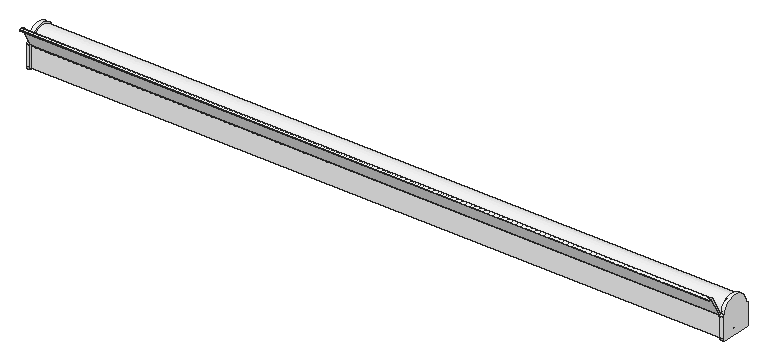
Revit family "0045174+0045236 Feilo Sylvania Lighting Fixture SYLBATTEN LED4 NW TP3 with ASYMMETRIC REFLECTOR ACCESSORY 1500MM", category Lighting Fixtures, host Face, Revit 2017
Family settings
  Host = Face
  Round Connector Dimension = Use Diameter
  Part Type = Normal
  OmniClass Number = 23.80.70.00
  OmniClass Title = Lighting
  Cut with Voids When Loaded = No
  Light Source = Yes
  Shared = No
  Room Calculation Point = No
Parameters (values of type "0045174 SYLBATTEN LED4 NW TP3")
  Width_FEILO = 66 mm
  Weight = "3.064 kg"
  Wattage Comments = "n/a"
  Wattage = 39 W
  WarrantyStartDate [instance] = "n/a"
  WarrantyGuarantorParts = "n/a"
  WarrantyDurationUnit = "n/a"
  WarrantyDurationParts = "n/a"
  WarrantyDescription = "n/a"
  built-in parameter 1150110 = 1 (stored number, unit not read)
  Voltage = 230 V
  URL = "http://www.sylvania-lighting.com"
  TypeName = "SYLBATTEN LED4 NW TP3"
  Type Image = <None>
  Type Comments = "n/a"
  built-in parameter 1114217 = 1 (stored number, unit not read)
  Tilt Angle = -90.00°
  built-in parameter 1150109 = 1 (stored number, unit not read)
  built-in parameter 1150134 = 12
  SymReflector_FEILO = no
  built-in parameter 1150113 = 1 (stored number, unit not read)
  SerialNumber [instance] = "n/a"
  PowerFactor = 0
  PowerConsumption = "39 W"
  Photometric Web File = "0045174+0045236.ies"
  NominalLength = 1505 mm
  NominalHeight = 91 mm
  NominalDepth = 122 mm
  Name = "SYLBATTEN LED4 NW TP3"
  ModelReference = Name  # "SYLBATTEN LED4 NW TP3"
  ModelNumber = "0045174"
  Model = Name  # "SYLBATTEN LED4 NW TP3"
  Material_4_FEILO = Reflector-Sylvania-Sylbatten-White
  Material_3_FEILO = Diffuser-Sylvania-Sylbatten-Glow
  Material_2_FEILO = Body-Sylvania-Sylbatten-White
  Material_1_FEILO = Body-Sylvania-Sylbatten-White
  Material = "sheet steel housing, polycarbonate diffuser"
  ManufacturerName = "Feilo Sylvania"
  Manufacturer = "Feilo Sylvania"
  LuminousEfficacy = "107.4 lm/W"
  built-in parameter 1150105 = 333.35 (stored number, unit not read)
  Lumens = 4188.99 lm
  LuminaireType = ""
  built-in parameter 1150115 = 1 (stored number, unit not read)
  LightOutputRatio = "100"
  built-in parameter 1150137 = (empty or 0)
  built-in parameter 1150139 = (empty or 0)
  Length_FEILO = 1505 mm
  LampsType = Lamp  # "LED"
  LampNominalLuminous = "4189 lm"
  LampMacAdamStep = "n/a"
  LampColourTemperature = "4000 K"
  LampColourRenderingIndex = "80"
  built-in parameter 1150112 = 1 (stored number, unit not read)
  built-in parameter 1150114 = 1 (stored number, unit not read)
  Lamp = "LED"
  Keynote = "16500"
  InstallationDate [instance] = "n/a"
  InputVoltage = "220-240V~"
  InputNominalFrequency = "n/a"
  built-in parameter 1150132 = (empty or 0)
  built-in parameter 1150102 = (empty or 0)
  built-in parameter 1150107 = 4000 (stored number, unit not read)
  built-in parameter 1150138 = (empty or 0)
  IngressProtection = "IP20"
  ImpactProtectionIndex = "IK07"
  built-in parameter 1150106 = 3.3335 (stored number, unit not read)
  IfcExportType = "IfcLightFixtureType"
  IfcExportAs = "IfcLightFixtureType"
  Height_FEILO = 76 mm
  ExpectedLife = 50000
  Emit from Rectangle Width = Length_FEILO - 16 mm  # 1489 mm
  Emit from Rectangle Length = Width_FEILO - 40 mm  # 26 mm
  Emit Shape Visible in Rendering = no
  ElectricShockClassification = "Class I"
  built-in parameter 1150104 = 9.9787 (stored number, unit not read)
  DurationUnit = "hours"
  DocumentationLiterature = "http://www.sylvania-lighting.com/product/en-int/products/0045174"
  DimmingControlOptions = "n/a"
  Dimming Lamp Color Temperature Shift = <None>
  Description = "LED batten, T8 replacement, ease of installation through 2 part push-in design of the housing (safety cable included), through wiring capability (TP3 = 3 core), sheet steel, 4189M, 39W, 107lm/W, 4000K, drive current: 350mA, CRI 80, 138° wide beam angle, electronic driver (non dimmable), IP20, IK07, 50,000 hrs (L70), (LxWxH) 1505x66x76mm, 5 step MacAdam ellipse, 3.7kg, white RAL9016, Class 1, 220-240V, energy class: A++, A+, A."
  Default Elevation = 1219.2 mm
  CreatedOn = "1/25/2018"
  CreatedBy = ""
  Cost = 0
  Color Filter = 16777215
  built-in parameter 1114216 [instance] = (empty or 0)
  ClassificationValue = "EF_70_80"
  ClassificationName = "Uniclass2015"
  CapOffset_FEILO = 2 mm
  BarCode [instance] = "n/a"
  built-in parameter 1114218 = 1 (stored number, unit not read)
  BackReflector_FEILO = and(not(AsymReflector_FEILO), SymReflector_FEILO)  # no
  built-in parameter 1150133 = 10 (stored number, unit not read)
  FrontReflector_FEILO = or(AsymReflector_FEILO, SymReflector_FEILO)  # yes
  AsymReflector_FEILO = yes
  AssetType = "Fixed"
  AssetIdentifier [instance] = "n/a"
  Assembly Code = "D5020200"
  Apparent Load = 39 VA
Reference planes
  plane 1 "Center (Front/Back)": y = 0
  plane 2: z = 0
  plane 3 "Center (Left/Right)": x = 0
  plane 4: x = 752.5
  plane 5: x = -752.5
  plane 6: y = 33
  plane 7: y = -33
  plane 8: z = 76
  plane 9: z = 47
  plane 10: y = -29
  plane 11: y = 29
  plane 12: z = 20
  plane 13: z = 74
  plane 14: y = -31
  plane 15: y = -27
  plane 16: y = 27
  plane 17: y = 31
  plane 18: z = 2
  plane 19: x = -744.5
  plane 20: x = 744.5
  plane 21: z = 49
  plane 22: y = 1
  plane 23: y = -1
  plane 24: z = 21
  plane 25: z = 19
  plane 26: y = -61
  plane 27: y = 61
  plane 28: y = -56
  plane 29: y = 56
  plane 30: z = 91
  plane 31: z = 88
Forms (mm)
  Extrusion 1, solid, material "Body-Sylvania-Sylbatten-White" <- "Material_2_FEILO"
    sketch origin (0, 0, 0) x (0, 1, 0) y (0, 0, 1)
      loop
        line (-31, 2) -> (31, 2) -> (31, 45)
        arc (31, 45) -> (30.414, 46.414) -> (29, 47) r 2
        line (29, 47) -> (27, 47)
        arc (27, 47) -> (0, 74) -> (-27, 47) r 27
        line (-27, 47) -> (-29, 47)
        arc (-29, 47) -> (-30.414, 46.414) -> (-31, 45) r 2
        line (-31, 45) -> (-31, 2)
    from -744.5 to 744.5
  Extrusion 2, solid, material "Body-Sylvania-Sylbatten-White" <- "Material_2_FEILO"
    sketch origin (752.5, 1524, 1219.2) x (0, 1, 0) y (0, 0, 1)
      loop
        arc (-1494, -1219.2) -> (-1491.879, -1218.321) -> (-1491, -1216.2) r 3
        line (-1491, -1216.2) -> (-1491, -1173.2)
        arc (-1491, -1173.2) -> (-1491.879, -1171.079) -> (-1494, -1170.2) r 3
        line (-1494, -1170.2) -> (-1495.069, -1170.2)
        arc (-1495.069, -1170.2) -> (-1524, -1143.2) -> (-1552.931, -1170.2) r 29
        line (-1552.931, -1170.2) -> (-1554, -1170.2)
        arc (-1554, -1170.2) -> (-1556.121, -1171.079) -> (-1557, -1173.2) r 3
        line (-1557, -1173.2) -> (-1557, -1216.2)
        arc (-1557, -1216.2) -> (-1556.121, -1218.321) -> (-1554, -1219.2) r 3
        line (-1554, -1219.2) -> (-1494, -1219.2)
      loop
        arc (-1525, -1189.25) -> (-1531.071, -1192.129) -> (-1533.95, -1198.2) r 10
        line (-1533.95, -1198.2) -> (-1532.944, -1198.2)
        arc (-1532.944, -1198.2) -> (-1530.364, -1192.836) -> (-1525, -1190.256) r 9
        line (-1525, -1190.256) -> (-1525, -1189.25)
      loop
        arc (-1523, -1190.256) -> (-1517.636, -1192.836) -> (-1515.056, -1198.2) r 9
        line (-1515.056, -1198.2) -> (-1514.05, -1198.2)
        arc (-1514.05, -1198.2) -> (-1516.929, -1192.129) -> (-1523, -1189.25) r 10
        line (-1523, -1189.25) -> (-1523, -1190.256)
      loop
        line (-1532.944, -1200.2) -> (-1533.95, -1200.2)
        arc (-1533.95, -1200.2) -> (-1531.071, -1206.271) -> (-1525, -1209.15) r 10
        line (-1525, -1209.15) -> (-1525, -1208.144)
        arc (-1525, -1208.144) -> (-1530.364, -1205.564) -> (-1532.944, -1200.2) r 9
      loop
        arc (-1515.056, -1200.2) -> (-1517.636, -1205.564) -> (-1523, -1208.144) r 9
        line (-1523, -1208.144) -> (-1523, -1209.15)
        arc (-1523, -1209.15) -> (-1516.929, -1206.271) -> (-1514.05, -1200.2) r 10
        line (-1514.05, -1200.2) -> (-1515.056, -1200.2)
    from 0 to -8
  Extrusion 3, solid, material "Body-Sylvania-Sylbatten-White" <- "Material_2_FEILO"
    sketch origin (-752.5, 1524, 1219.2) x (0, 1, 0) y (0, 0, 1)
      loop
        arc (-1495.069, -1170.2) -> (-1524, -1143.2) -> (-1552.931, -1170.2) r 29
        line (-1552.931, -1170.2) -> (-1554, -1170.2)
        arc (-1554, -1170.2) -> (-1556.121, -1171.079) -> (-1557, -1173.2) r 3
        line (-1557, -1173.2) -> (-1557, -1216.2)
        arc (-1557, -1216.2) -> (-1556.121, -1218.321) -> (-1554, -1219.2) r 3
        line (-1554, -1219.2) -> (-1494, -1219.2)
        arc (-1494, -1219.2) -> (-1491.879, -1218.321) -> (-1491, -1216.2) r 3
        line (-1491, -1216.2) -> (-1491, -1173.2)
        arc (-1491, -1173.2) -> (-1491.879, -1171.079) -> (-1494, -1170.2) r 3
        line (-1494, -1170.2) -> (-1495.069, -1170.2)
      loop
        line (-1533.95, -1198.2) -> (-1532.944, -1198.2)
        arc (-1532.944, -1198.2) -> (-1530.364, -1192.836) -> (-1525, -1190.256) r 9
        line (-1525, -1190.256) -> (-1525, -1189.25)
        arc (-1525, -1189.25) -> (-1531.071, -1192.129) -> (-1533.95, -1198.2) r 10
      loop
        line (-1523, -1189.25) -> (-1523, -1190.256)
        arc (-1523, -1190.256) -> (-1517.636, -1192.836) -> (-1515.056, -1198.2) r 9
        line (-1515.056, -1198.2) -> (-1514.05, -1198.2)
        arc (-1514.05, -1198.2) -> (-1516.929, -1192.129) -> (-1523, -1189.25) r 10
      loop
        line (-1514.05, -1200.2) -> (-1515.056, -1200.2)
        arc (-1515.056, -1200.2) -> (-1517.636, -1205.564) -> (-1523, -1208.144) r 9
        line (-1523, -1208.144) -> (-1523, -1209.15)
        arc (-1523, -1209.15) -> (-1516.929, -1206.271) -> (-1514.05, -1200.2) r 10
      loop
        line (-1525, -1209.15) -> (-1525, -1208.144)
        arc (-1525, -1208.144) -> (-1530.364, -1205.564) -> (-1532.944, -1200.2) r 9
        line (-1532.944, -1200.2) -> (-1533.95, -1200.2)
        arc (-1533.95, -1200.2) -> (-1531.071, -1206.271) -> (-1525, -1209.15) r 10
    from 0 to 8
  Extrusion 4, solid, material "Reflector-Sylvania-Sylbatten-White" <- "Material_4_FEILO", visible <- "FrontReflector_FEILO"
    sketch origin (0, 0, 0) x (0, 1, 0) y (0, 0, 1)
      loop
        line (-61.257, 88.429) -> (-60.743, 87.571) -> (-56.621, 90.044)
        arc (-56.621, 90.044) -> (-56.237, 90.099) -> (-55.929, 89.863) r 0.5
        line (-55.929, 89.863) -> (-31.435, 46.753) -> (-30.565, 47.247) -> (-55.312, 90.802)
        arc (-55.312, 90.802) -> (-55.928, 91.275) -> (-56.696, 91.165) r 1
        line (-56.696, 91.165) -> (-61.257, 88.429)
    from -744.5 to 744.5
  Extrusion 5, solid, material "Reflector-Sylvania-Sylbatten-White" <- "Material_4_FEILO", visible <- "BackReflector_FEILO"
    sketch origin (0, 0, 0) x (0, 1, 0) y (0, 0, 1)
      loop
        line (30.565, 47.247) -> (31.435, 46.753) -> (55.932, 89.868)
        arc (55.932, 89.868) -> (56.245, 90.112) -> (56.638, 90.062) r 0.518
        line (56.638, 90.062) -> (61.033, 87.565) -> (61.527, 88.435) -> (56.682, 91.188)
        arc (56.682, 91.188) -> (55.922, 91.282) -> (55.318, 90.812) r 1
        line (55.318, 90.812) -> (30.565, 47.247)
    from -744.5 to 744.5
Lines and regions (mm)
  reference lines
    curve 1: line (0, -61, 88) -> (0, -56, 91)
    curve 2: line (0, -56, 91) -> (0, -31, 47)
    curve 3: line (0, 31, 47) -> (0, 56, 91)
    curve 4: line (0, 56, 91) -> (0, 61.28, 88)
Dimensions and locks
  equal spacing: plane 5, plane 3 "Center (Left/Right)", plane 4
  equal spacing: plane 7, plane 1 "Center (Front/Back)", plane 6
  "Width_FEILO": plane 7 to plane 6
  "Length_FEILO": plane 5 to plane 4
  "Height_FEILO": plane 8 to plane 2
  locked: plane 9 to plane 8 at 29
  equal spacing: plane 10, plane 1 "Center (Front/Back)", plane 11
  locked: plane 7 to plane 10 at 4
  locked: plane 12 to plane 2 at 20
  "CapOffset_FEILO": plane 13 to plane 8
  "CapOffset_FEILO": plane 7 to plane 14
  "CapOffset_FEILO": plane 10 to plane 15
  "CapOffset_FEILO": plane 17 to plane 6
  "CapOffset_FEILO": plane 16 to plane 11
  "CapOffset_FEILO": plane 18 to plane 2
  locked: plane 14 to Extrusion 1 sketch curve at 2
  locked: Extrusion 1 sketch curve to plane 9 at 2  (x2)
  locked: plane 16 to Extrusion 1 sketch curve at 2
  equal spacing: plane 19, plane 3 "Center (Left/Right)", plane 20
  locked: plane 5 to plane 19 at 8
  "CapOffset_FEILO": plane 9 to plane 21
  locked: Extrusion 2 sketch curve to plane 2 at 47
  locked: Extrusion 1 sketch curve to plane 2 at 47
  locked: Extrusion 2 sketch curve to plane 2 at 3  (x2)
  locked: plane 7 to Extrusion 2 sketch curve at 3  (x2)
  locked: Extrusion 2 sketch curve to plane 6 at 3  (x2)
  locked: Extrusion 2 sketch curve to plane 21 at 3  (x2)
  equal spacing: plane 23, plane 1 "Center (Front/Back)", plane 22
  equal spacing: plane 25, plane 12, plane 24
  plane 30 to plane 31 to plane 2 = 3 mm locked, 88 mm locked
  plane 28 to plane 29 = 112 mm
  plane 26 to plane 27 = 122 mm
  aligned and locked: plane 2 to host face
  aligned and locked: level to host face
  aligned and locked: plane 18 to Extrusion 1 sketch curve
  aligned and locked: plane 14 to Extrusion 1 sketch curve
  aligned and locked: Extrusion 1 sketch curve to plane 9  (x2)
  aligned and locked: Extrusion 1 sketch curve to plane 17
  aligned and locked: plane 15 to Extrusion 1 sketch curve
  aligned and locked: plane 16 to Extrusion 1 sketch curve
  aligned and locked: plane 9 to Extrusion 1 sketch curve
  aligned and locked: plane 20 to Extrusion 1
  aligned and locked: level to Extrusion 2 sketch curve
  aligned and locked: Extrusion 2 sketch curve to plane 7
  aligned and locked: plane 21 to Extrusion 2 sketch curve
  aligned and locked: Extrusion 2 sketch curve to plane 21
  aligned and locked: plane 1 "Center (Front/Back)" to Extrusion 2 sketch curve  (x3)
  aligned and locked: Extrusion 2 to Extrusion 1
  aligned and locked: plane 4 to Extrusion 2
  aligned and locked: plane 12 to Extrusion 2 sketch curve  (x2)
  aligned and locked: Extrusion 2 sketch curve to plane 22
  aligned and locked: Extrusion 2 sketch curve to plane 23
  aligned and locked: Extrusion 2 sketch curve to plane 24
  aligned and locked: Extrusion 2 sketch curve to plane 25
  aligned and locked: plane 25 to Extrusion 2 sketch curve
  aligned and locked: plane 22 to Extrusion 2 sketch curve
  aligned and locked: plane 24 to Extrusion 2 sketch curve
  aligned and locked: plane 23 to Extrusion 2 sketch curve  (x2)
  aligned and locked: Extrusion 3 sketch curve to Extrusion 2  (x22)
  aligned and locked: Extrusion 3 to Extrusion 1
  aligned and locked: Extrusion 3 to plane 5
  aligned and locked: plane 19 to Extrusion 3
  aligned and locked: plane 31 to curve 1
  aligned and locked: plane 30 to curve 1
  aligned and locked: plane 14 to curve 2
  aligned and locked: plane 9 to curve 2
  aligned and locked: plane 17 to curve 3
  aligned and locked: plane 30 to curve 3
  aligned and locked: plane 31 to curve 4
  aligned and locked: Extrusion 4 sketch curve to curve 2
  aligned and locked: Extrusion 4 sketch curve to curve 1
  aligned and locked: Extrusion 4 to Extrusion 1
  aligned and locked: Extrusion 1 to Extrusion 4
  aligned and locked: imposter light to plane 1 "Center (Front/Back)"
  aligned and locked: imposter light to plane 3 "Center (Left/Right)"
  aligned and locked: imposter light to plane 13
  aligned and locked: Extrusion 5 sketch curve to curve 4
  aligned and locked: Extrusion 5 sketch curve to curve 3
  aligned and locked: Extrusion 1 to Extrusion 5
  aligned and locked: Extrusion 5 to Extrusion 1
Automatic sketch dimensions
  host sketch curve to host sketch curve = 2438.4 mm  (x2)
  Extrusion 2 sketch curve to Extrusion 2 sketch curve = 0 mm  (x14)
  Extrusion 2 sketch curve to plane 10 = 0.069 mm
  plane 23 to Extrusion 2 sketch curve = 8.95 mm
  Extrusion 2 sketch curve to Extrusion 2 sketch curve = 1.006 mm  (x4)
  Extrusion 2 sketch curve to plane 22 = 7.944 mm
  curve 1 to plane 26 = 0 mm
  curve 2 to plane 28 = 0 mm
  curve 4 to plane 29 = 0 mm
  plane 9 to curve 3 = 0 mm
  plane 26 to Extrusion 4 sketch curve = 0.257 mm
  Extrusion 4 sketch curve to plane 26 = 0.257 mm
  Extrusion 4 sketch curve to plane 30 = 0.165 mm
  plane 28 to Extrusion 4 sketch curve = 0.696 mm
  plane 28 to Extrusion 4 sketch curve = 0.621 mm
  plane 28 to Extrusion 4 sketch curve = 0.364 mm
  plane 28 to Extrusion 4 sketch curve = 0.182 mm
  Extrusion 4 sketch curve to plane 28 = 0.071 mm
  plane 30 to Extrusion 4 sketch curve = 0.198 mm
  Extrusion 4 sketch curve to plane 28 = 0.688 mm
  plane 9 to Extrusion 4 sketch curve = 0.247 mm
  plane 1 "Center (Front/Back)" to Extrusion 4 sketch curve = 31.435 mm
  Extrusion 5 sketch curve to plane 9 = 0.247 mm
  Extrusion 5 sketch curve to plane 1 "Center (Front/Back)" = 30.565 mm
  plane 9 to Extrusion 5 sketch curve = 0.247 mm
  plane 30 to Extrusion 5 sketch curve = 0.188 mm
  plane 29 to Extrusion 5 sketch curve = 0.068 mm
  Extrusion 5 sketch curve to plane 29 = 0.188 mm
  Extrusion 5 sketch curve to plane 29 = 0.382 mm
  Extrusion 5 sketch curve to Extrusion 5 sketch curve = 0.256 mm
  Extrusion 5 sketch curve to plane 30 = 0.188 mm
  Extrusion 5 sketch curve to plane 29 = 0.682 mm
  Extrusion 5 sketch curve to plane 27 = 0.033 mm
  Extrusion 5 sketch curve to plane 27 = 0.527 mm
Connectors
  electrical at (0, 0, 0), driven by "Apparent Load", driven by "PowerFactor", driven by "Voltage"
    settings: index 1, voltage 230 V, apparent load 39 VA, apparent load phase1 0 VA, apparent load phase2 0 VA, apparent load phase3 0 VA, power factor 0, load classification "Lighting", number of poles 1, system type 30, power factor state 1, is connector primary yes, connector utility no, sub classification motor no, connector description ""
